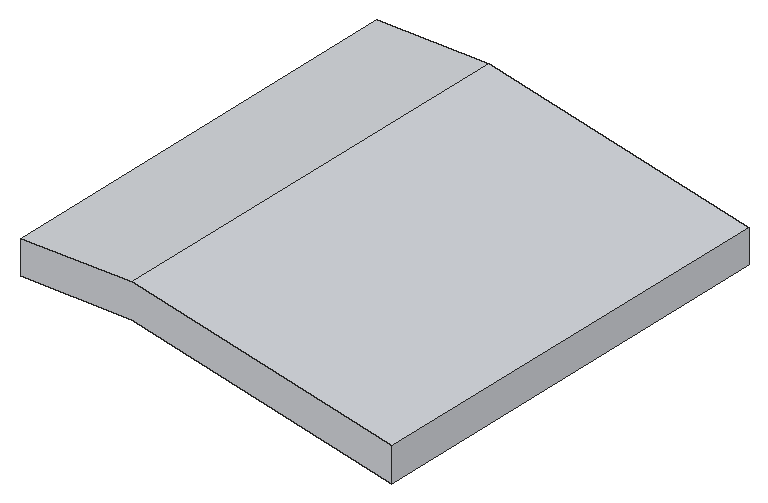
Revit family "海幔", category 常规模型, Revit 2019
Family settings
  可将钢筋附着到主体 = 否
  圆形连接件大小 = 使用直径
  零件类型 = 标准
  基于工作平面 = 否
  总是垂直 = 是
  加载时剪切的空心 = 否
  共享 = 否
  房间计算点 = 否
Parameters
  水平段长 [instance] = 600 mm
  材质 [instance] = none
  总高度 [instance] = 480 mm
  总长度 [instance] = 2000 mm
  总宽度 [instance] = 2400 mm
  总厚度 [instance] = 180 mm
  型号 = "SEA_MANTLE"  # constant formula
  下降高度 [instance] = 总高度 - 总厚度  # 300 mm
Reference planes
  plane 1 "中心(前/后)": y = 0
  plane 2: z = 0
  plane 3 "中心(左/右)": x = 0
  plane 4: y = 1200
  plane 5: y = -1200
  plane 6: x = -2000
  plane 7: z = -480
  plane 8: x = -1400
  plane 9: z = -300
  plane 10: z = -180
Forms (mm)
  Extrusion 1, solid, material <- "材质"
    sketch origin (0, 0, 0) x (1, 0, 0) y (0, 0, 1)
      loop
        line (-2000, 0) -> (-2000, -180) -> (-1400, -180) -> (0, -480) -> (0, -300) -> (-1400, 0) -> (-2000, 0)
    from -1200 to 1200
Dimensions and locks
  equal spacing: plane 4, plane 1 "中心(前/后)", plane 5
  "总厚度": plane 9 to plane 7
  "水平段长": plane 8 to plane 6
  "总长度": plane 3 "中心(左/右)" to plane 6
  "总宽度": plane 4 to plane 5
  "总高度": plane 2 to plane 7
  aligned and locked: level to plane 2
  aligned and locked: level to Extrusion 1
  aligned and locked: Extrusion 1 to plane 10
  aligned and locked: Extrusion 1 to plane 6
  aligned and locked: Extrusion 1 to plane 3 "中心(左/右)"
  aligned and locked: plane 4 to Extrusion 1
Automatic sketch dimensions
  Extrusion 1 sketch curve to level = 0 mm
  Extrusion 1 sketch curve to plane 6 = 0 mm
  Extrusion 1 sketch curve to plane 8 = 0 mm  (x2)
  Extrusion 1 sketch curve to plane 3 "中心(左/右)" = 0 mm
  Extrusion 1 sketch curve to plane 7 = 0 mm
  Extrusion 1 sketch curve to plane 9 = 0 mm
  Extrusion 1 sketch curve to plane 10 = 0 mm
